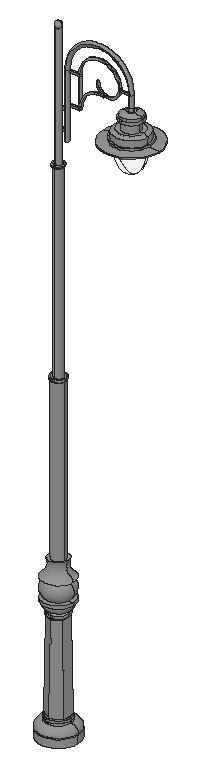
Revit family "svetilnik_alfresco_elegant-1-8_i_1-10", category Lighting Fixtures, Revit 2016 (continued)
Definition of nested family "Элегант"
  Types (2, lengths in mm): name | Photometric Web File | built-in parameter 1150105 | Lumens | built-in parameter 1150106 | built-in parameter 1150142 | Wattage
      4.81 34.665 44.52 63.315 82.095 112.86 143.625 192.36 241.08 369.00 496.935 736.785 976.635 1148.925 1321.215 1371.87 1422.525 1441.59 1460.655 1455.285 1449.9301 1357.77 1265.61 1075.365 885.135 645.78 406.41 281.40 156.39 130.80 105.21 85.245 65.28 \r\n49.71 34.125 26.415 18.72\r\n24.615 34.575 44.52 63.615 82.695 112.815 142.935 190.005 237.06 358.335 479.595 722.31 965.025 1106.04 1247.0699 1311.1801 1375.275 1404.885 1434.495 1421.4301 1408.365 1314.825 1221.285 1039.995 858.72 622.665 386.595 271.44 156.285 131.37 106.44 86.34 \r\n66.255 50.085 33.915 26.235 18.57\r\n24.39 34.38 44.37 63.615 82.845 112.56 142.26 187.65 233.025 349.98 466.935 690.075 913.23 1069.02 1224.825 1296.21 1367.61 1385.955 1404.3149 1386.45 1368.60 1257.99 1147.365 996.315 845.265 617.415 389.565 272.595 155.64 130.995 106.365 86.505 66.645 \r\n50.265 33.90 26.10 18.30\r\n24.165 34.23 44.31 63.60 82.89 112.14 141.39 186.315 231.225 343.47 455.715 679.83 903.96 1050.90 1197.84 1260.495 1323.15 1346.865 1370.595 1349.115 1327.635 1221.165 1114.6801 958.26 801.855 592.095 382.335 269.70 157.065 132.975 108.885 88.11 67.335 \r\n50.595 33.84 25.965 18.075\r\n23.925 34.11 44.31 63.81 83.31 112.545 141.795 184.155 226.50 332.175 437.85 660.975 884.115 1029.225 1174.335 1218.855 1263.36 1306.89 1350.4351 1320.4351 1290.4351 1200.5699 1110.705 956.745 802.77 583.92 365.055 261.06 157.065 134.22 111.375 89.595 \r\n67.815 50.76 33.705 25.80 17.88\r\n23.685 33.90 44.13 64.065 84.015 112.80 141.60 181.965 222.33 327.765 433.20 646.035 858.885 976.77 1094.67 1169.955 1245.225 1290.375 1335.51 1295.235 1254.9449 1172.625 1090.3051 923.25 756.21 563.415 370.62 264.51 158.385 134.805 111.21 89.745 68.28 \r\n50.895 33.51 25.62 17.715\r\n23.475 33.765 44.07 64.29 84.51 112.695 140.88 182.55 224.235 328.635 433.05 630.495 827.955 947.265 1066.575 1143.9449 1221.3149 1259.955 1298.595 1261.725 1224.87 1109.895 994.905 876.465 758.01 562.575 367.14 264.885 162.645 137.265 111.885 90.24 \r\n68.595 51.03 33.45 25.485 17.52\r\n23.295 33.675 44.07 64.485 84.90 113.055 141.21 183.36 225.525 331.98 438.45 611.19 783.93 920.76 1057.59 1126.095 1194.615 1215.12 1235.625 1221.8101 1208.01 1088.505 969.015 842.595 716.175 544.11 372.045 268.65 165.24 139.47 113.715 91.53 69.33 51.375 \r\n33.405 25.35 17.31\r\n23.115 33.555 43.995 64.485 84.975 113.16 141.33 182.085 222.84 320.01 417.165 593.115 769.065 894.18 1019.28 1069.785 1120.275 1167.72 1215.1801 1191.4351 1167.705 1079.91 992.13 835.875 679.62 522.435 365.25 266.265 167.28 142.005 116.745 93.165 69.60 \r\n51.435 33.27 25.17 17.07\r\n22.935 33.375 43.83 64.68 85.545 113.70 141.87 182.025 222.165 311.46 400.755 579.00 757.26 869.82 982.38 1035.705 1089.03 1153.92 1218.8101 1169.22 1119.615 1032.135 944.67 805.47 666.27 505.92 345.585 256.65 167.715 142.095 116.46 93.285 70.095 51.555 \r\n33.015 24.90 16.785\r\n22.65 33.165 43.665 65.025 86.385 114.27 142.14 183.165 224.175 309.555 394.935 555.78 716.61 826.89 937.155 1000.20 1063.245 1115.475 1167.72 1123.425 1079.145 993.855 908.565 792.75 676.92 510.39 343.845 257.91 171.975 143.835 115.68 93.225 70.755 51.75\r\n 32.745 24.615 16.50\r\n22.35 32.895 43.44 65.10 86.76 115.02 143.28 182.835 222.39 321.555 420.72 556.215 691.71 800.205 908.70 959.835 1010.955 998.79 986.61 987.015 987.42 932.01 876.60 758.10 639.60 509.76 379.92 277.50 175.065 145.65 116.22 93.765 71.31 51.96 32.61 24.405 \r\n16.20\r\n21.99 32.55 43.095 64.98 86.88 114.75 142.62 182.55 222.48 316.395 410.295 558.15 705.99 801.525 897.06 894.81 892.56 924.15 955.755 932.055 908.37 888.645 868.905 740.94 612.975 496.50 380.01 278.415 176.82 148.995 121.155 96.27 71.40 51.885 32.37 24.15 \r\n15.93\r\n21.645 32.22 42.81 64.65 86.49 114.90 143.325 182.805 222.285 306.27 390.255 546.645 703.05 763.32 823.605 825.195 826.785 883.83 940.875 913.65 886.425 838.365 790.305 715.365 640.425 499.335 358.26 268.605 178.95 149.865 120.78 95.97 71.16 51.645 32.145\r\n 23.91 15.66\r\n21.285 31.83 42.39 64.17 85.95 114.66 143.355 183.15 222.93 306.63 390.33 519.015 647.715 726.03 804.345 814.575 824.805 877.395 930.00 885.81 841.635 810.03 778.41 708.045 637.665 491.76 345.855 263.775 181.695 151.29 120.87 95.82 70.77 51.33 31.89 \r\n23.625 15.36\r\n20.955 31.515 42.075 63.645 85.23 113.505 141.78 180.57 219.36 309.345 399.33 512.49 625.65 707.22 788.79 758.25 727.71 744.315 760.92 741.75 722.565 726.975 731.37 653.67 575.97 467.325 358.68 268.635 178.59 149.16 119.73 95.085 70.44 51.09 31.74 23.415 \r\n15.105\r\n20.715 31.245 41.775 63.195 84.615 112.89 141.165 178.995 216.81 303.72 390.63 531.06 671.505 697.155 722.805 761.325 799.83 842.295 884.76 852.00 819.225 753.06 686.895 626.715 566.535 463.08 359.64 267.87 176.10 147.93 119.745 94.965 70.185 50.88 31.575\r\n 23.25 14.91\r\n20.535 31.035 41.55 62.805 84.075 111.915 139.755 177.72 215.70 296.07 376.425 527.55 678.66 705.00 731.325 719.46 707.595 793.59 879.57 850.425 821.265 773.76 726.24 674.325 622.41 491.40 360.39 267.195 174.00 146.76 119.52 94.725 69.93 50.715 31.515 \r\n23.145 14.79\r\n20.43 30.90 41.385 62.475 83.58 111.33 139.095 176.52 213.945 298.53 383.10 506.865 630.63 671.505 712.365 699.525 686.685 695.28 703.875 701.16 698.445 687.69 676.92 646.245 615.555 487.98 360.39 268.425 176.445 147.075 117.69 93.63 69.57 50.535 31.50 \r\n23.10 14.70\r\n20.31 30.765 41.22 62.16 83.10 110.085 137.07 175.185 213.30 302.49 391.68 504.855 618.015 679.305 740.58 717.24 693.885 760.965 828.045 762.60 697.155 660.42 623.67 589.56 555.435 460.395 365.37 270.885 176.415 145.95 115.50 92.37 69.24 50.385 31.53 \r\n23.055 14.58\r\n20.175 30.555 40.935 61.935 82.92 109.89 136.845 174.285 211.74 302.04 392.34 511.425 630.495 684.495 738.48 730.35 722.235 779.97 837.72 787.08 736.425 718.005 699.585 621.525 543.45 452.505 361.56 268.575 175.605 145.575 115.545 92.295 69.045 50.235 \r\n31.41 22.95 14.505\r\n20.085 30.435 40.77 61.74 82.71 109.815 136.905 173.97 211.035 299.715 388.41 508.515 628.62 651.66 674.685 675.975 677.25 732.06 786.87 763.05 739.245 721.02 702.78 627.72 552.66 461.445 370.23 272.895 175.575 145.14 114.705 91.89 69.075 50.19 31.305 \r\n22.86 14.43\r\n19.98 30.24 40.515 61.50 82.485 109.695 136.89 175.305 213.72 302.76 391.785 503.73 615.675 654.855 694.035 645.87 597.69 629.01 660.33 623.055 585.795 591.645 597.48 582.525 567.555 470.865 374.16 275.775 177.375 145.935 114.51 91.71 68.91 50.025 31.14 \r\n22.74 14.355\r\n19.86 30.015 40.185 61.32 82.44 109.05 135.675 174.06 212.43 303.87 395.295 503.895 612.495 655.605 698.73 688.95 679.185 751.11 823.02 763.50 703.98 658.92 613.875 577.98 542.07 455.04 367.995 274.86 181.725 147.99 114.255 91.635 69.00 49.935 30.855 \r\n22.56 14.265\r\n19.77 29.865 39.945 61.125 82.305 108.885 135.48 172.74 210.00 303.30 396.60 507.42 618.24 653.445 688.65 678.21 667.785 742.14 816.51 757.095 697.68 697.44 697.20 623.175 549.15 459.33 369.525 275.19 180.87 147.075 113.28 91.245 69.195 49.935 30.675 \r\n22.455 14.22\r\n19.71 29.685 39.645 60.99 82.32 109.32 136.32 174.255 212.19 301.665 391.14 498.645 606.15 645.135 684.12 658.65 633.18 694.98 756.795 729.27 701.76 670.635 639.51 594.375 549.255 463.14 377.025 278.415 179.79 147.045 114.30 91.86 69.42 49.92 30.435 \r\n22.305 14.19\r\n19.725 29.625 39.525 60.945 82.365 109.185 136.005 173.685 211.365 303.315 395.28 505.575 615.885 653.685 691.485 623.49 555.495 588.72 621.945 604.41 586.86 601.32 615.765 580.26 544.77 462.57 380.355 281.40 182.445 147.975 113.52 91.455 69.405 49.89 \r\n30.39 22.29 14.19\r\n19.77 29.565 39.345 60.81 82.26 109.035 135.795 173.07 210.33 302.835 395.34 507.135 618.93 647.175 675.435 678.225 681.015 736.755 792.51 720.855 649.20 659.985 670.77 605.475 540.195 458.475 376.77 279.78 182.79 148.29 113.805 91.68 69.54 49.935 30.33 \r\n22.305 14.28\r\n19.80 29.535 39.27 60.735 82.20 108.54 134.895 172.83 210.75 300.945 391.14 508.005 624.87 647.565 670.26 663.855 657.465 728.04 798.615 739.80 680.985 664.05 647.115 599.52 551.94 467.34 382.74 282.915 183.09 149.025 114.945 92.325 69.69 49.98 30.27 \r\n22.335 14.415\r\n19.875 29.52 39.165 60.72 82.29 108.87 135.45 173.22 210.99 302.385 393.765 506.34 618.915 662.235 705.57 660.93 616.305 674.445 732.57 696.24 659.91 645.915 631.92 591.165 550.41 462.495 374.58 279.705 184.83 149.145 113.46 91.56 69.675 49.935 30.21 \r\n22.35 14.49\r\n19.89 29.49 39.105 60.69 82.275 108.495 134.73 172.47 210.195 302.55 394.905 511.80 628.695 669.405 710.10 719.73 729.36 795.555 861.75 766.185 670.605 677.265 683.925 615.855 547.77 463.74 379.725 282.81 185.88 149.67 113.46 91.53 69.60 49.875 30.165 \r\n22.365 14.58\r\n19.86 29.445 39.015 60.735 82.47 108.84 135.225 174.03 212.835 304.245 395.655 511.335 627.015 666.81 706.605 722.67 738.735 813.45 888.15 819.36 750.555 736.125 721.68 634.515 547.365 463.635 379.92 282.87 185.82 149.685 113.55 91.575 69.60 49.815 30.045\r\n 22.35 14.655\r\n19.83 29.43 39.03 60.96 82.89 109.965 137.055 175.86 214.665 306.075 397.47 510.255 623.04 673.185 723.33 697.59 671.85 751.905 831.945 795.165 758.385 717.66 676.92 609.96 543.00 461.37 379.725 286.14 192.555 153.555 114.54 92.175 69.81 49.89 29.97 \r\n22.275 14.595\r\n19.725 29.325 38.925 61.26 83.58 110.235 136.905 175.38 213.855 306.435 399.03 514.155 629.295 683.055 736.83 729.84 722.85 787.29 851.73 766.29 680.85 692.325 703.80 625.815 547.83 463.815 379.80 284.265 188.73 152.19 115.65 92.865 70.08 49.95 29.82 \r\n22.185 14.535\r\n19.65 29.205 38.76 61.125 83.49 110.385 137.28 176.22 215.145 304.845 394.53 508.68 622.815 672.12 721.44 732.375 743.31 798.645 853.98 787.68 721.38 722.265 723.15 636.525 549.885 461.58 373.275 282.66 192.045 154.005 115.965 93.075 70.185 49.92 29.67 \r\n22.05 14.43\r\n19.53 29.10 38.67 61.005 83.34 110.355 137.385 175.935 214.485 306.525 398.55 506.625 614.685 667.98 721.275 708.795 696.315 765.15 833.97 789.705 745.44 725.355 705.285 624.51 543.735 458.295 372.855 283.275 193.71 155.205 116.70 93.39 70.08 49.77 29.46 \r\n21.885 14.31\r\n19.41 28.965 38.52 60.87 83.22 110.295 137.355 175.17 213.00 303.945 394.905 505.08 615.24 680.73 746.235 728.67 711.12 785.985 860.865 778.305 695.76 698.805 701.865 624.03 546.21 461.37 376.53 283.74 190.935 153.885 116.82 93.405 69.975 49.62 29.265 \r\n21.75 14.235\r\n19.32 28.845 38.37 60.855 83.34 110.325 137.31 175.68 214.05 305.19 396.33 504.615 612.90 675.42 737.955 738.03 738.12 789.075 840.03 796.50 752.955 736.92 720.885 633.735 546.60 459.525 372.45 282.825 193.20 154.965 116.715 93.315 69.915 49.515 29.10 \r\n21.615 14.13\r\n19.29 28.845 38.40 60.96 83.505 110.46 137.43 175.545 213.66 305.31 396.975 507.33 617.70 678.81 739.935 733.995 728.07 795.18 862.275 806.76 751.23 737.46 723.705 638.895 554.085 464.07 374.055 283.725 193.41 154.935 116.475 93.15 69.81 49.47 29.115 \r\n21.60 14.10\r\n19.29 28.845 38.40 60.84 83.28 110.22 137.175 175.53 213.885 304.875 395.88 509.175 622.485 682.395 742.305 722.31 702.33 786.72 871.11 790.815 710.52 713.535 716.565 635.895 555.21 465.21 375.21 284.28 193.35 155.01 116.67 93.255 69.825 49.425 29.025 \r\n21.555 14.085\r\n19.47 29.025 38.58 61.08 83.58 110.61 137.625 175.83 214.035 306.27 398.52 508.26 618.00 672.195 726.375 733.62 740.85 802.065 863.265 821.61 779.97 742.65 705.315 632.805 560.295 470.13 379.965 286.425 192.87 154.56 116.265 93.18 70.11 49.62 29.145 21.69\r\n 14.235\r\n19.68 29.205 38.715 61.20 83.70 110.79 137.88 176.295 214.725 307.365 400.02 511.875 623.73 684.285 744.84 747.45 750.045 809.55 869.04 797.04 725.055 730.56 736.065 651.795 567.525 472.005 376.485 285.615 194.73 155.55 116.355 93.33 70.32 49.83 29.355 \r\n21.885 14.415\r\n19.83 29.355 38.865 61.20 83.535 110.34 137.145 175.485 213.825 309.90 405.96 512.805 619.665 681.81 743.97 713.04 682.11 772.56 863.025 782.205 701.385 710.025 718.68 647.385 576.09 480.285 384.465 287.94 191.415 153.795 116.16 93.30 70.455 49.98 29.52 \r\n22.035 14.55\r\n19.935 29.475 39.00 61.125 83.265 110.265 137.25 175.395 213.525 306.48 399.45 510.885 622.32 665.955 709.59 706.395 703.20 778.785 854.355 819.435 784.50 735.51 686.505 634.425 582.33 483.30 384.255 287.775 191.31 153.72 116.13 93.075 70.035 49.845 29.67\r\n 22.17 14.67\r\n20.085 29.58 39.09 60.945 82.785 109.53 136.275 173.76 211.245 305.28 399.315 511.305 623.295 667.785 712.29 739.785 767.295 838.95 910.605 838.23 765.855 748.11 730.365 657.495 584.61 483.09 381.585 285.765 189.96 152.37 114.78 92.325 69.855 49.785 \r\n29.715 22.23 14.745\r\n20.205 29.625 39.03 60.78 82.53 109.05 135.57 172.905 210.255 306.375 402.51 513.51 624.51 665.82 707.115 663.075 619.02 669.765 720.51 670.995 621.48 656.16 690.825 637.305 583.77 486.135 388.50 287.31 186.12 149.895 113.67 91.605 69.525 49.635 29.73 \r\n22.275 14.82\r\n20.25 29.64 39.03 60.72 82.425 108.99 135.555 173.07 210.585 304.365 398.13 506.79 615.435 656.655 697.86 656.37 614.865 665.22 715.59 698.07 680.55 662.49 644.43 615.165 585.915 485.25 384.585 285.885 187.185 150.555 113.925 91.635 69.345 49.53 29.70 \r\n22.245 14.79\r\n20.25 29.67 39.075 60.63 82.185 108.795 135.405 172.47 209.535 306.165 402.795 513.165 623.55 647.49 671.43 669.18 666.93 753.345 839.76 767.295 694.845 674.505 654.15 618.30 582.45 485.07 387.705 285.93 184.14 148.56 112.965 90.99 69.015 49.32 29.625 \r\n22.185 14.76\r\n20.235 29.61 38.97 60.525 82.065 108.915 135.765 173.46 211.155 305.115 399.075 504.66 610.245 636.315 662.385 657.81 653.235 727.38 801.54 731.295 661.05 659.505 657.975 623.58 589.185 489.06 388.95 286.98 185.01 149.25 113.475 91.155 68.82 49.17 29.505 \r\n22.125 14.745\r\n20.205 29.595 38.985 60.57 82.155 108.66 135.165 172.215 209.25 307.23 405.21 507.48 609.75 654.36 698.97 648.465 597.975 620.745 643.53 658.665 673.785 671.79 669.795 626.355 582.93 487.05 391.17 287.745 184.32 148.845 113.355 90.99 68.625 49.065 29.52 \r\n22.065 14.625\r\n20.175 29.64 39.12 60.435 81.765 108.63 135.51 172.62 209.73 305.01 400.29 508.005 615.705 643.035 670.38 656.595 642.81 719.04 795.255 751.62 707.985 679.695 651.405 619.935 588.48 486.615 384.75 283.155 181.575 147.315 113.055 90.72 68.385 48.915 29.445\r\n 21.975 14.52\r\n20.19 29.70 39.21 60.36 81.495 108.57 135.645 174.33 213.00 306.195 399.375 505.095 610.83 649.29 687.765 686.34 684.93 753.705 822.48 765.465 708.45 701.265 694.08 633.63 573.165 477.765 382.365 281.115 179.865 146.715 113.565 90.84 68.10 48.825 29.535 \r\n22.02 14.49\r\n20.205 29.775 39.33 60.42 81.51 108.735 135.96 174.24 212.535 307.665 402.81 502.08 601.35 642.66 683.97 637.965 591.975 697.635 803.295 729.285 655.275 639.81 624.33 596.40 568.47 473.10 377.715 280.20 182.67 147.93 113.205 90.54 67.89 48.72 29.535 22.02\r\n 14.49\r\n20.325 29.82 39.315 60.315 81.30 108.45 135.60 172.965 210.315 304.305 398.295 500.79 603.27 641.91 680.535 662.055 643.56 675.435 707.31 702.855 698.415 669.09 639.765 614.70 589.65 483.03 376.425 278.145 179.865 146.565 113.265 90.51 67.755 48.69 29.64 \r\n22.095 14.535\r\n20.37 29.91 39.435 60.315 81.18 108.135 135.09 172.305 209.535 303.105 396.675 509.415 622.17 648.435 674.715 674.46 674.205 744.165 814.14 783.66 753.18 726.345 699.51 652.275 605.04 488.31 371.58 273.915 176.235 144.06 111.885 89.745 67.62 48.675 29.745\r\n 22.17 14.595\r\n20.475 29.985 39.51 60.345 81.165 108.525 135.885 173.325 210.765 302.40 394.035 504.915 615.78 668.505 721.23 727.695 734.16 786.165 838.185 797.115 756.03 718.80 681.585 633.51 585.435 478.80 372.165 274.08 176.01 144.39 112.755 90.18 67.605 48.60 \r\n29.595 22.11 14.64\r\n20.595 30.045 39.51 60.21 80.91 108.645 136.365 172.995 209.61 301.56 393.51 503.625 613.74 695.19 776.625 695.10 613.59 638.67 663.75 640.905 618.045 653.055 688.05 636.015 583.98 475.83 367.695 272.37 177.03 145.50 113.985 90.675 67.365 48.48 29.595 \r\n22.155 14.715\r\n20.67 30.105 39.54 60.33 81.12 108.855 136.59 174.90 213.21 301.875 390.525 516.66 642.795 680.28 717.75 709.455 701.16 779.685 858.195 812.925 767.67 727.65 687.645 665.70 643.755 501.465 359.175 267.96 176.745 145.335 113.94 90.615 67.305 48.405 29.52 \r\n22.14 14.76\r\n20.805 30.15 39.495 60.495 81.495 110.055 138.615 176.445 214.29 301.95 389.595 538.38 687.165 704.805 722.445 740.52 758.595 806.61 854.625 833.64 812.67 772.68 732.69 691.395 650.10 499.62 349.14 264.03 178.92 147.00 115.065 91.215 67.35 48.345 29.355 \r\n22.095
